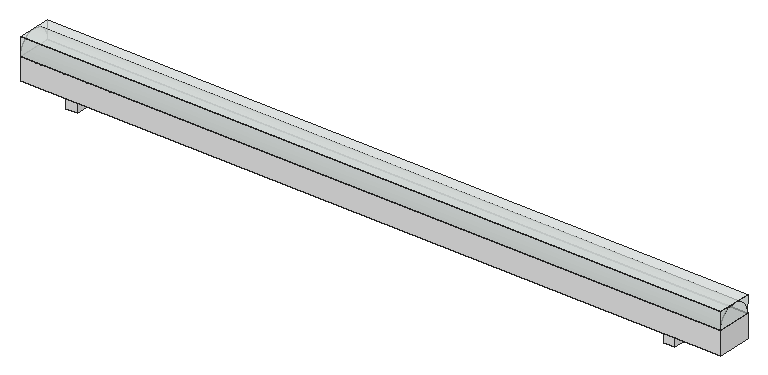
Revit family "Lighting-Linear-Acclaim-Pixel Bar", category Lighting Fixtures, host Face, Revit 2015
Parameters (values of type "D")
  Width = 2.36"
  Wattage = 9.2903 W
  built-in parameter 1150110 = 1 (stored number, unit not read)
  Voltage = 0 V
  URL = "http://www.acclaimlighting.com/"
  built-in parameter 1114217 = 1 (stored number, unit not read)
  Tilt Angle = -90.00°
  built-in parameter 1150109 = 1 (stored number, unit not read)
  built-in parameter 1150134 = 3
  built-in parameter 1150113 = 1 (stored number, unit not read)
  Power Factor = 1
  Photometric Web File = "generic"
  Number of Poles = 1
  built-in parameter 1150142 = (empty or 0)
  Model = "Dyna Graze Exterior HO"
  Manufacturer = "Acclaim Lighting"
  built-in parameter 1150105 = 109.82 (stored number, unit not read)
  Lumens = 1380 lm
  built-in parameter 1150115 = 1 (stored number, unit not read)
  built-in parameter 1150137 = (empty or 0)
  built-in parameter 1150139 = (empty or 0)
  Length = 48.00"
  built-in parameter 1150112 = 1 (stored number, unit not read)
  built-in parameter 1150114 = 1 (stored number, unit not read)
  Lamp = "LED"
  built-in parameter 1150132 = (empty or 0)
  built-in parameter 1150102 = (empty or 0)
  built-in parameter 1150107 = 3200 (stored number, unit not read)
  built-in parameter 1150138 = (empty or 0)
  built-in parameter 1150106 = 1.0982 (stored number, unit not read)
  Housing Finish = Aluminum
  Emit from Line Length = Length  # 48.00"
  built-in parameter 1150104 = 13.8 (stored number, unit not read)
  Dimming Lamp Color Temperature Shift = <None>
  Diffused Round Lens [instance] = yes
  Diffused Flat Lens [instance] = yes
  Description = "Graze Lighting"
  Default Elevation = 48.00"
  Color Filter = 16777215
  built-in parameter 1114218 = 1 (stored number, unit not read)
  built-in parameter 1150133 = 10 (stored number, unit not read)
  Apparent Load = 0 VA
Types (3): name | Model | Length | Emit from Line Length | Description
  (no name) | "Dyna Graze Exterior HO" | 48.00" | 48.00" | "Graze Lighting"
  A | "Pixel Bar" | 12.00" | 12.00" | "Linear Fixture"
  D | "Dyna Graze Exterior HO" | 48.00" | 48.00" | "Graze Lighting"
Reference planes (in)
  plane 1 "Center (Front/Back)": y = 0
  plane 2: z = 0
  plane 3 "Center (Left/Right)": x = 0
  plane 4: x = -2.86874
  plane 5: x = -2.08749
  plane 6: x = 2.06876
  plane 7: x = 2.85001
  plane 8: z = 3.3
  plane 9: z = 2.03932
  plane 10: y = 1.18
  plane 11: y = -1.18
  plane 12: x = -24
  plane 13: x = 24
Forms (in)
  Extrusion 1, solid, material "Aluminum"
    sketch origin (0, 0, 0) x (1, 0, 0) y (0, 1, 0)
      loop
        line (-20.86874, 1.18) -> (-20.86874, -1.18) -> (-20.08749, -1.18) -> (-20.08749, 1.18) -> (-20.86874, 1.18)
    from 0 to 0.57771
  Extrusion 2, solid, material "Aluminum"
    sketch origin (0, 0, 0) x (-1, 0, 0) y (0, -1, 0)
      loop
        line (-20.86874, -1.18) -> (-20.08749, -1.18) -> (-20.08749, 1.18) -> (-20.86874, 1.18) -> (-20.86874, -1.18)
    from 0 to 0.57771
  Extrusion 3, solid, material "Aluminum"
    sketch origin (0, 0, 0) x (0, 1, 0) y (0, 0, 1)
      loop
        line (-1.18, 2.09375) -> (-1.18, 0.57771) -> (1.18, 0.57771) -> (1.18, 2.09375) -> (-1.18, 2.09375)
    from -24 to 24
  Extrusion 4, solid, material "Glass", visible <- "Diffused Round Lens"
    sketch origin (0, 0, 0) x (0, 1, 0) y (0, 0, 1)
      loop
        line (-1.18, 2.09375) -> (1.18, 2.09375)
        arc (1.18, 2.09375) -> (0, 3.27375) -> (-1.18, 2.09375) r 1.18
    from -24 to 24
  Extrusion 5, solid, material "Glass", visible <- "Diffused Flat Lens"
    sketch origin (0, 0, 0) x (0, 1, 0) y (0, 0, 1)
      loop
        line (1.18, 3.3) -> (-1.18, 3.3) -> (-1.18, 2.09375) -> (1.18, 2.09375) -> (1.18, 3.3)
    from -24 to 24
Dimensions and locks (in)
  equal spacing: plane 10, plane 1 "Center (Front/Back)", plane 11
  "Width": plane 10 to plane 11
  equal spacing: plane 12, plane 3 "Center (Left/Right)", plane 13
  "Length": plane 12 to plane 13
  plane 8 to host face = 3.30"
  Extrusion 2 to Extrusion 2 to plane 13 = 0.78125" locked, 3.13126" locked
  plane 12 to Extrusion 1 to Extrusion 1 = 3.13126" locked, 0.78125" locked
  aligned and locked: plane 2 to host face
  aligned and locked: level to host face
  aligned and locked: Extrusion 3 sketch curve to plane 11
  aligned and locked: Extrusion 3 sketch curve to Extrusion 1  (x2)
  aligned and locked: Extrusion 4 to plane 12
  aligned and locked: plane 13 to Extrusion 4
  aligned and locked: Extrusion 3 to plane 12
  aligned and locked: plane 13 to Extrusion 3
  aligned and locked: plane 8 to Extrusion 5 sketch curve
  aligned and locked: Extrusion 5 sketch curve to plane 10
  aligned and locked: Extrusion 5 sketch curve to imposter light
  aligned and locked: Extrusion 5 sketch curve to Extrusion 3
  aligned and locked: plane 13 to Extrusion 5
  aligned and locked: Extrusion 5 to plane 12
Automatic sketch dimensions
  host sketch curve to host sketch curve = 96.00"  (x2)
  Extrusion 1 sketch curve to plane 4 = 18.00"
  Extrusion 1 sketch curve to plane 5 = 18.00"
  plane 11 to Extrusion 1 sketch curve = 0.00"
  plane 10 to Extrusion 1 sketch curve = 0.00"
  plane 11 to Extrusion 2 sketch curve = 0.00"
  plane 10 to Extrusion 2 sketch curve = 0.00"
  Extrusion 2 sketch curve to plane 7 = 18.01874"
  Extrusion 2 sketch curve to plane 6 = 18.01874"
  plane 9 to Extrusion 3 sketch curve = 0.05443"
  Extrusion 4 sketch curve to plane 11 = 0.00"
  Extrusion 4 sketch curve to plane 10 = 0.00"
  plane 9 to Extrusion 4 sketch curve = 0.05443"
Connectors (in)
  electrical at (24, 0, 1.33573), driven by "Number of Poles", driven by "Voltage", driven by "Apparent Load"
    settings: on Extrusion 3, index 1, voltage 0 V, apparent load 0 VA, apparent load phase1 0 VA, apparent load phase2 0 VA, apparent load phase3 0 VA, power factor 1, load classification "Other", number of poles 1, system type 31, power factor state 1, is connector primary yes, connector utility no, sub classification motor no, connector description ""
